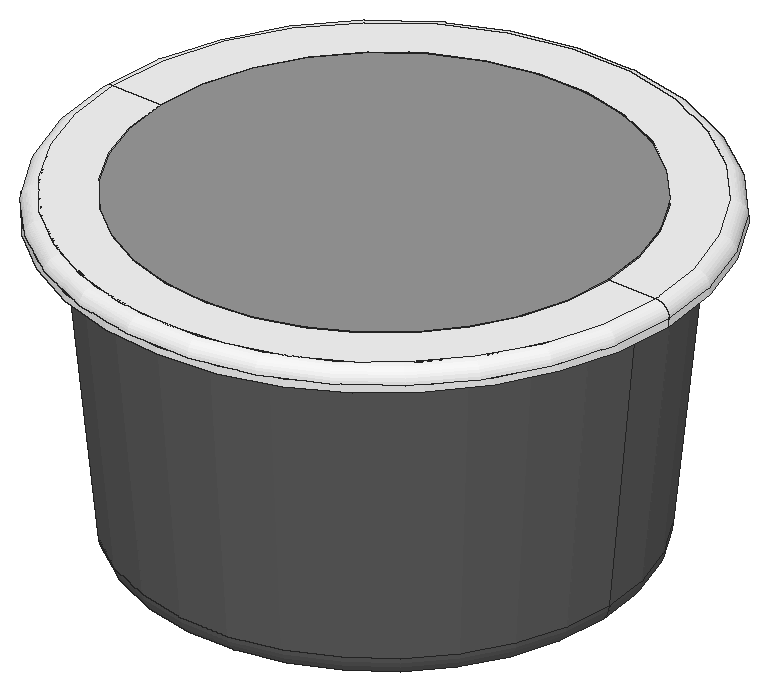
Revit family "3098126 Lighting Fixture_Sylvania_Insaver LED II 150 High_Ceiling Recessed", category Lighting Fixtures, host Face, Revit 2017
Family settings
  Host = Face
  Round Connector Dimension = Use Diameter
  Part Type = Normal
  OmniClass Number = 23.80.70.11.17
  OmniClass Title = Specialized Lighting by Location or Use
  Cut with Voids When Loaded = No
  Light Source = Yes
  Shared = No
  Room Calculation Point = No
Parameters (values of type "Insaver LED II 150 High Output WW DALI E3")
  Ta Rating = "0°C to 55°C"  # constant formula
  Reflector Radius = Body Radius - 2.0 mm  # 73.0 mm
  Reflector Material = Metal_Sylvania_Insaver LED II_Polished
  Radius = Diameter / 2  # 84.5 mm
  LOR = "100%"  # constant formula
  IP Rating = "IP23 (44 with accessory)"  # constant formula
  Height = 87.0 mm
  Glare Control = "UGR <19 (using accessory)"  # constant formula
  Energy Class = "A++,A+,A"  # constant formula
  Weight = 0 kg
  Wattage = 1.18557 W
  built-in parameter 1150110 = 1 (stored number, unit not read)
  Voltage Comments = "UNV (Universal Voltage; 220-240 Volt)"  # constant formula
  Voltage = 230 V  # constant formula
  URL = "http://www.sylvania-lighting.com"
  built-in parameter 1114217 = 1 (stored number, unit not read)
  Tilt Angle = -90°
  built-in parameter 1150109 = 1 (stored number, unit not read)
  built-in parameter 1150134 = (empty or 0)
  built-in parameter 1150113 = 1 (stored number, unit not read)
  Product Page URL = "http://www.sylvania-lighting.com/product/en-int/products/3098126"
  Product Family = "INSAVER LED II 150"  # constant formula
  Photometry Comments = ""
  Photometric Web File = "3098126_InsaverLEDII150HighOutputWWDALIE3-200709.ies"
  Life = "50 000 h"  # constant formula
  Emit from Circle Diameter = Diffuser Diameter  # 133.0 mm
  Emit Shape Visible in Rendering = no
  Drive Current = "900mA"  # constant formula
  Distribution type = "Direct - symmetrical"  # constant formula
  Diffuser Material = Glass_Sylvania_Insaver LED II_3000K
  Diffuser Diameter = Diameter - 36.0 mm  # 133.0 mm
  Diameter = 169.0 mm
  Cutout Diameter = Diameter - 19.0 mm  # 150.0 mm
  Colour consistency (SDCM) = "3 step"  # constant formula
  built-in parameter 1114216 [instance] = 1 (stored number, unit not read)
  Model = "Insaver LED II 150 High Output WW DALI E3"
  Manufacturer = "Feilo Sylvania"
  built-in parameter 1150105 = 9.1514 (stored number, unit not read)
  Lumens = 115 lm
  built-in parameter 1150115 = 1 (stored number, unit not read)
  built-in parameter 1150137 = (empty or 0)
  built-in parameter 1150139 = (empty or 0)
  built-in parameter 1150112 = 1 (stored number, unit not read)
  built-in parameter 1150114 = 1 (stored number, unit not read)
  Lamp Comments = "Integrated LED"  # constant formula
  Lamp = ""
  built-in parameter 1150132 = 2
  built-in parameter 1150102 = (empty or 0)
  built-in parameter 1150107 = 3000 (stored number, unit not read)
  built-in parameter 1150138 = (empty or 0)
  built-in parameter 1150106 = 0.091514 (stored number, unit not read)
  CRI ( Ra ) = 80  # constant formula
  Body Material = Plastic_Sylvania_Insaver LED II_Black
  built-in parameter 1150104 = 9.0116 (stored number, unit not read)
  Dimming Lamp Color Temperature Shift = <None>
  Description = "Circular LED downlight with up to 114lm/W efficacy and 2,400 luminaire lumen output. Innovative easy installation system allows for a rapid, single point installation. For 150mm cut outs. IP44 or UGR<19 compliant with additional accessories. 3 hour emergency and surface mounted versions available. Plus3 version includes Wieland GST connector."  # constant formula
  Default Elevation = 0.0 mm
  Color Filter = 16777215
  Catalog Number = "3098126 Insaver LED II 150 High Output WW DALI E3"
  built-in parameter 1140040 [instance] = 1
  Body Radius = Cutout Diameter / 2  # 75.0 mm
  Beam Angle = 76°  # constant formula
  built-in parameter 1114218 = 1 (stored number, unit not read)
  built-in parameter 1150133 = 10 (stored number, unit not read)
  Assembly Code = "D5020200"
  Apparent Load Comments = ""
  Apparent Load = 22 VA
  Accessory Material = Plastic_Sylvania_Insaver LED II_White
Reference planes
  plane 1 "Center (Front/Back)": y = 0
  plane 2: z = 0
  plane 3 "Center (Left/Right)": x = 0
  plane 4 "Fixture Top": z = -87
  plane 5 "Fixture Bottom": z = 6
  plane 6 "Reflector Top": z = -60
Forms (mm)
  Extrusion 1, void
    sketch origin (0, 0, 0) x (1, 0, 0) y (0, 1, 0)
      loop
        circle (0, 0) r 75
    from -87 to 0
  Revolve 2, solid, material "Plastic_Sylvania_Insaver LED II_White" <- "Accessory Material", detail levels fine
    sketch origin (0, 0, 0) x (1, 0, 0) y (0, 0, 1)
      loop
        line (-84.5, 0) -> (-66.5, 0) -> (-66.5, 6) -> (-80.5, 6)
        arc (-80.5, 6) -> (-83.328, 4.828) -> (-84.5, 2) r 4
        line (-84.5, 2) -> (-84.5, 0)
      axis (0, 6) -> (0, 0)
    angle from 0 to 360
  Revolve 3, solid, material "Plastic_Sylvania_Insaver LED II_Black" <- "Body Material", detail levels fine
    sketch origin (0, 0, 0) x (1, 0, 0) y (0, 0, 1)
      loop
        line (0, -87) -> (0, -85) -> (-59.475, -85)
        arc (-59.475, -85) -> (-62.901, -83.847) -> (-64.933, -80.857) r 5.666
        arc (-64.933, -80.857) -> (-70.978, -41.634) -> (-73, -2) r 389.454
        line (-73, -2) -> (-73, 0) -> (-75, 0) -> (-75, -2)
        arc (-75, -2) -> (-73.011, -41.414) -> (-67.063, -80.428) r 391.454
        arc (-67.063, -80.428) -> (-64.495, -85.129) -> (-59.475, -87) r 7.666
        line (-59.475, -87) -> (0, -87)
      axis (0, 0) -> (0, -87)
    angle from 0 to 360
  Extrusion 4, solid, material "Glass_Sylvania_Insaver LED II_3000K" <- "Diffuser Material", detail levels fine
    sketch origin (0, 0, 0) x (1, 0, 0) y (0, 1, 0)
      loop
        circle (0, 0) r 66.5
    from 0 to 6
  Revolve 5, solid, material "Metal_Sylvania_Insaver LED II_Polished" <- "Reflector Material", detail levels fine
    sketch origin (0, 0, 0) x (1, 0, 0) y (0, 0, 1)
      loop
        line (-73, 0) -> (-73, -2)
        arc (-73, -2) -> (-46.618, -43.735) -> (0, -60) r 74.94
        line (0, -60) -> (0, -58)
        arc (0, -58) -> (-45.285, -42.24) -> (-71, -1.769) r 72.94
        line (-71, -1.769) -> (-71, 0) -> (-73, 0)
      axis (0, 0) -> (0, -60)
    angle from 0 to 360
  Revolve 6, solid, material "Plastic_Sylvania_Insaver LED II_White" <- "Accessory Material", detail levels coarse+medium
    sketch origin (0, 0, 0) x (1, 0, 0) y (0, 0, 1)
      loop
        line (0, -87) -> (0, 6) -> (-84.5, 6) -> (-84.5, 0) -> (-75, 0) -> (-75, -2)
        arc (-75, -2) -> (-73.011, -41.414) -> (-67.063, -80.428) r 391.454
        arc (-67.063, -80.428) -> (-64.495, -85.129) -> (-59.475, -87) r 7.666
        line (-59.475, -87) -> (0, -87)
      axis (0, 6) -> (0, -87)
    angle from 0 to 360
Lines and regions (mm)
  Masking region 1
    outline origin (0, 0, 0) x (1, 0, 0) y (0, 1, 0)
      loop
        circle (0, 0) r 84.5
  symbolic lines, detail levels fine
    curve 1: arc (66.5, 0, 0) -> (0, 66.5, 0) -> (-66.5, 0, 0) r 66.5
    curve 2: arc (-66.5, 0, 0) -> (0, -66.5, 0) -> (66.5, 0, 0) r 66.5
Dimensions and locks
  "Height": plane 2 to plane 4 "Fixture Top"
  plane 5 "Fixture Bottom" to plane 2 = 6.0 mm
  "Radius": plane 3 "Center (Left/Right)" to Revolve 2 sketch curve
  locked: Revolve 2 sketch curve to plane 2 at 2
  Revolve 2 sketch curve to Revolve 2 sketch curve = 18.0 mm
  "Body Radius": plane 3 "Center (Left/Right)" to Revolve 3 sketch curve
  locked: Revolve 3 sketch curve to Revolve 3 sketch curve at 2
  locked: Revolve 3 sketch curve to plane 4 "Fixture Top" at 2
  "Reflector Radius": Revolve 5 sketch curve to plane 3 "Center (Left/Right)"
  locked: Revolve 5 sketch curve to Revolve 5 sketch curve at 2
  "Radius": Revolve 6 sketch curve to imposter light
  locked: Revolve 6 sketch curve to Revolve 6 sketch curve at 9.5
  "Cutout Diameter": diameter of Extrusion 1 sketch curve
  "Diffuser Diameter": diameter of Extrusion 4 sketch curve
  aligned and locked: plane 2 to host face
  aligned and locked: level to host face
  aligned and locked: Extrusion 1 to plane 4 "Fixture Top"
  aligned and locked: plane 2 to Extrusion 1
  aligned and locked: Revolve 2 sketch curve to plane 2
  aligned and locked: Revolve 2 sketch curve to plane 5 "Fixture Bottom"
  aligned and locked: Revolve 2 sketch curve to plane 3 "Center (Left/Right)"
  aligned and locked: Revolve 3 sketch curve to plane 3 "Center (Left/Right)"  (x2)
  aligned and locked: Extrusion 4 to plane 2
  aligned and locked: plane 5 "Fixture Bottom" to Extrusion 4
  aligned and locked: plane 4 "Fixture Top" to Revolve 3 sketch curve
  aligned and locked: Revolve 3 sketch curve to plane 2
  aligned and locked: Revolve 5 sketch curve to host face
  aligned and locked: Revolve 5 sketch curve to plane 3 "Center (Left/Right)"
  aligned and locked: plane 6 "Reflector Top" to Revolve 5 sketch curve
  aligned and locked: plane 3 "Center (Left/Right)" to Revolve 5 sketch curve
  aligned and locked: imposter light to plane 3 "Center (Left/Right)"
  aligned and locked: imposter light to plane 1 "Center (Front/Back)"
  aligned and locked: imposter light to plane 5 "Fixture Bottom"
  aligned and locked: Revolve 6 sketch curve to plane 3 "Center (Left/Right)"  (x2)
  aligned and locked: plane 4 "Fixture Top" to Revolve 6 sketch curve
  aligned and locked: Revolve 6 sketch curve to imposter light
  aligned and locked: Masking region 1 sketch curve to Revolve 6  (x2)
  aligned and locked: curve 1 to Extrusion 4
  aligned and locked: curve 2 to Extrusion 4
Automatic sketch dimensions
  host sketch curve to host sketch curve = 1040.406 mm
  host sketch curve to host sketch curve = 988.385 mm
  plane 1 "Center (Front/Back)" to Extrusion 1 sketch curve = 0.0 mm
  Extrusion 1 sketch curve to plane 3 "Center (Left/Right)" = 0.0 mm
  Revolve 2 sketch curve to level = 23.903 mm
  plane 5 "Fixture Bottom" to Revolve 2 sketch curve = 38.423 mm
  Revolve 3 sketch curve to Revolve 3 sketch curve = 0.0 mm  (x4)
  Revolve 3 sketch curve to plane 3 "Center (Left/Right)" = 59.475 mm
  Revolve 3 sketch curve to level = 2.0 mm
  plane 3 "Center (Left/Right)" to Revolve 3 sketch curve = 316.454 mm
  Revolve 3 sketch curve to Revolve 3 sketch curve = 5.666 mm
  Revolve 3 sketch curve to level = 21.34 mm
  plane 5 "Fixture Bottom" to Revolve 3 sketch curve = 47.66 mm
  plane 1 "Center (Front/Back)" to Extrusion 4 sketch curve = 0.0 mm
  Extrusion 4 sketch curve to plane 3 "Center (Left/Right)" = 0.0 mm
  Revolve 5 sketch curve to Revolve 5 sketch curve = 0.0 mm
  Revolve 5 sketch curve to Revolve 5 sketch curve = 2.0 mm
  Revolve 5 sketch curve to level = 2.0 mm
  Revolve 5 sketch curve to plane 4 "Fixture Top" = 30.934 mm
  Revolve 5 sketch curve to Revolve 5 sketch curve = 27.127 mm
  Revolve 6 sketch curve to level = 0.0 mm
  plane 4 "Fixture Top" to Revolve 6 sketch curve = 7.666 mm
  Revolve 6 sketch curve to plane 3 "Center (Left/Right)" = 59.475 mm
  Revolve 6 sketch curve to level = 2.0 mm
  plane 3 "Center (Left/Right)" to Revolve 6 sketch curve = 316.454 mm
  Revolve 6 sketch curve to level = 21.34 mm
  Revolve 6 sketch curve to Revolve 6 sketch curve = 47.66 mm
Connectors
  electrical at (0, 0, -87), driven by "Voltage", driven by "Apparent Load"
    settings: index 1, voltage 230 V, apparent load 0 VA, apparent load phase1 22 VA, apparent load phase2 0 VA, apparent load phase3 0 VA, power factor 1, load classification "Lighting", number of poles 1, system type 31, power factor state 1, is connector primary yes, connector utility no, sub classification motor no, connector description ""
